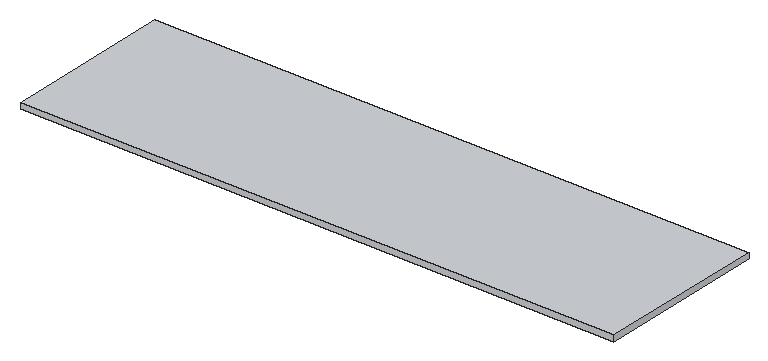
Revit family "Placard", category Casework, Revit 2017
Family settings
  Cut with Voids When Loaded = No
  Shared = No
  Room Calculation Point = Yes
Parameters
  Profondeur = 300 mm
  built-in parameter 1001306 [instance] = 1060 mm
Reference planes
  plane 1 "Center (Front/Back)": y = 0
  plane 2: z = 0
  plane 3 "Left": x = 0
  plane 4 "Right": x = 1060
  plane 5: y = 300
Forms (mm)
  Extrusion 1, solid
    sketch origin (0, 0, 0) x (1, 0, 0) y (0, 1, 0)
      loop
        line (0, 300) -> (0, 0) -> (1060, 0) -> (1060, 300) -> (0, 300)
    from 0 to 10
Lines and regions (mm)
  reference lines
    curve 1: line (0, 0, 0) -> (1060, 0, 0)
  model lines, style "Placard"
    curve 2: line (0, 300, 10) -> (1060, 300, 10)
    curve 3: line (0, 0, 10) -> (0, 300, 10)
    curve 4: line (1060, 0, 10) -> (0, 0, 10)
    curve 5: line (1060, 300, 10) -> (1060, 0, 10)
    curve 6: line (0, 0, 10) -> (1060, 300, 10)
    curve 7: line (1060, 0, 10) -> (0, 300, 10)
Dimensions and locks
  "built-in parameter 1001306": plane 3 "Left" to plane 4 "Right"
  "Profondeur": plane 5 to plane 1 "Center (Front/Back)"
  plane 5 to plane 1 "Center (Front/Back)" = 300 mm
  aligned and locked: plane 4 "Right" to curve 1
  aligned and locked: plane 1 "Center (Front/Back)" to curve 1
  aligned and locked: plane 3 "Left" to curve 1
  aligned and locked: level to plane 2
  aligned and locked: curve 5 to plane 4 "Right"
  aligned and locked: plane 3 "Left" to curve 3
  aligned and locked: curve 4 to plane 1 "Center (Front/Back)"
  aligned and locked: curve 2 to plane 5
  aligned and locked: plane 4 "Right" to curve 7
  aligned and locked: Extrusion 1 sketch curve to plane 4 "Right"
  aligned and locked: Extrusion 1 sketch curve to plane 1 "Center (Front/Back)"
  aligned and locked: plane 3 "Left" to Extrusion 1 sketch curve
  aligned and locked: Extrusion 1 sketch curve to plane 5
